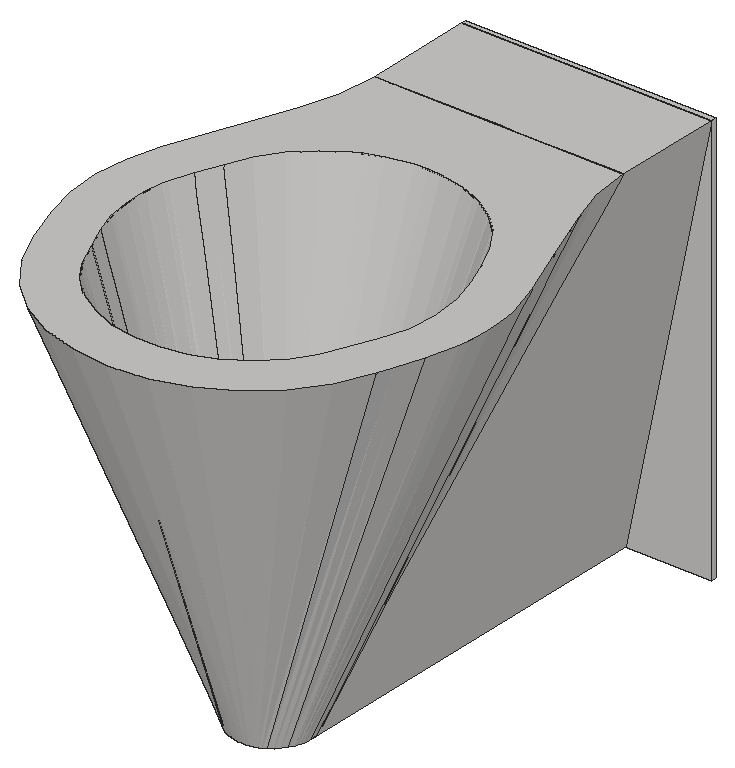
Revit family
Parameters (values of type "380 X 576")
  Waste Connection Radius = Waste Connection Diameter / 2  # 37.5 mm
  Waste Connection Diameter = 75 mm
  Waste Connection = 1 = 1  # yes
  WFU = 0
  Vent Connection = 1 = 0  # no
  URL = "http://www.autospec.co.za/browse.php?id=1644179284"
  Product Code = "None"
  OmniClass Title = ""
  OmniClass Number = ""
  Modspec Classification = ""
  Specification = ""
  Location (revit room) = ""
  Material = Stainless Steel Grade 304
  Height = 396 mm
  HW Connection = 1 = 0  # no
  Description = ""
  Depth = 576 mm
  Default Elevation = 0 mm
  Colour = none
  Clearance From Wall = 0 mm
  CWFU = 0
  CW Connection = 1 = 0  # no
  Body Finish = none
  Width = 380 mm
  Model = "Water Closet Wall Hung SWC-PAN-WM"
  Manufacturer = "Kwikot"  # constant formula
  Assembly Code = "D2010110"
Reference planes
  plane 1 "Back": y = 0
  plane 2 "Bottom": z = 0
  plane 3 "Center (Left/Right)": x = -15
  plane 4 "Left": x = -205
  plane 5 "Right": x = 175
  plane 6 "Front": y = -576
  plane 7 "Top": z = 396
  plane 8: x = 105
  plane 9: x = -135
  plane 10: y = 0
  plane 11: x = 130
  plane 12: x = -160
  plane 13: y = -531
  plane 14: y = -191
  plane 15: y = -340
Forms (mm)
  Blend 1, solid, material "Stainless Steel Grade 304" <- "Material"
    base sketch origin (-779.234, -1524, 396) x (-1, 0, 0) y (0, -1, 0)
      loop
        arc (-598.678, -1065.336) -> (-764.234, -947.362) -> (-929.789, -1065.336) r 175.151
        line (-929.789, -1065.336) -> (-943.805, -1105.919)
        arc (-943.805, -1105.919) -> (-954.199, -1171.648) -> (-941.289, -1236.929) r 190
        line (-941.289, -1236.929) -> (-898.97, -1345.634)
        arc (-898.97, -1345.634) -> (-887.954, -1381.584) -> (-884.234, -1419) r 190
        line (-884.234, -1419) -> (-644.234, -1419)
        arc (-644.234, -1419) -> (-640.513, -1381.584) -> (-629.498, -1345.634) r 190
        line (-629.498, -1345.634) -> (-587.178, -1236.929)
        arc (-587.178, -1236.929) -> (-574.269, -1171.648) -> (-584.662, -1105.919) r 190
        line (-584.662, -1105.919) -> (-598.678, -1065.336)
    top sketch origin (-779.234, -1524, 396) x (-1, 0, 0) y (0, -1, 0)
      loop
        arc (-743.557, -1115.216) -> (-764.234, -1109) -> (-784.911, -1115.216) r 37.5
        arc (-784.911, -1115.216) -> (-790.994, -1120.23) -> (-795.895, -1126.405) r 37.5
        arc (-795.895, -1126.405) -> (-800.245, -1136.037) -> (-801.734, -1146.5) r 37.5
        arc (-801.734, -1146.5) -> (-801.382, -1151.624) -> (-800.334, -1156.651) r 37.5
        arc (-800.334, -1156.651) -> (-798.64, -1161.415) -> (-796.321, -1165.908) r 37.5
        arc (-796.321, -1165.908) -> (-764.234, -1184) -> (-732.147, -1165.908) r 37.5
        arc (-732.147, -1165.908) -> (-729.828, -1161.415) -> (-728.134, -1156.651) r 37.5
        arc (-728.134, -1156.651) -> (-727.085, -1151.624) -> (-726.734, -1146.5) r 37.5
        arc (-726.734, -1146.5) -> (-728.223, -1136.037) -> (-732.572, -1126.405) r 37.5
        arc (-732.572, -1126.405) -> (-737.473, -1120.23) -> (-743.557, -1115.216) r 37.5
    from 0 to -396
  Blend 2, solid, material "Stainless Steel Grade 304" <- "Material"
    base sketch origin (0, 0, 0) x (1, 0, 0) y (0, 1, 0)
      loop
        line (-52.5, 0) -> (-52.5, -377.5)
        arc (-52.5, -377.5) -> (-15, -340) -> (22.5, -377.5) r 37.5
        line (22.5, -377.5) -> (22.5, 0) -> (-52.5, 0)
    top sketch origin (0, 0, 0) x (1, 0, 0) y (0, 1, 0)
      loop
        line (-135, 0) -> (-135, -105) -> (105, -105) -> (105, 0) -> (-135, 0)
    from 0 to 396
  Extrusion 3, solid, material "Stainless Steel Grade 304" <- "Material"
    sketch origin (-1008.149, 0, 4000) x (-1, 0, 0) y (0, 0, 1)
      loop
        line (-1113.149, -3604) -> (-1113.149, -4000) -> (-873.149, -4000) -> (-873.149, -3604) -> (-1113.149, -3604)
    from 0 to 5
  Blend 4, void
    base sketch origin (-779.234, -1524, 396) x (0, -1, 0) y (1, 0, 0)
      loop
        line (-1242.653, 640.429) -> (-1219.201, 630.568)
        arc (-1219.201, 630.568) -> (-1163, 619.234) -> (-1106.799, 630.568) r 145
        line (-1106.799, 630.568) -> (-1083.347, 640.429)
        arc (-1083.347, 640.429) -> (-993, 764.234) -> (-1083.347, 888.039) r 130
        line (-1083.347, 888.039) -> (-1106.799, 897.899)
        arc (-1106.799, 897.899) -> (-1163, 909.234) -> (-1219.201, 897.899) r 145
        line (-1219.201, 897.899) -> (-1242.653, 888.039)
        arc (-1242.653, 888.039) -> (-1333, 764.234) -> (-1242.653, 640.429) r 130
    top sketch origin (-779.234, -1524, 396) x (0, -1, 0) y (1, 0, 0)
      loop
        arc (-1123.764, 734.412) -> (-1109, 764.234) -> (-1123.764, 794.055) r 37.5
        arc (-1123.764, 794.055) -> (-1129.282, 797.547) -> (-1135.322, 800.029) r 37.5
        arc (-1135.322, 800.029) -> (-1153.501, 801.074) -> (-1170.029, 793.434) r 37.5
        arc (-1170.029, 793.434) -> (-1174.01, 789.717) -> (-1177.412, 785.464) r 37.5
        arc (-1177.412, 785.464) -> (-1184, 764.234) -> (-1177.412, 743.004) r 37.5
        arc (-1177.412, 743.004) -> (-1174.01, 738.75) -> (-1170.029, 735.034) r 37.5
        arc (-1170.029, 735.034) -> (-1153.501, 727.393) -> (-1135.322, 728.438) r 37.5
        arc (-1135.322, 728.438) -> (-1129.282, 730.92) -> (-1123.764, 734.412) r 37.5
    from 0 to -395
  Extrusion 5, void
    sketch origin (-1008.149, 0, 4000) x (1, 0, 0) y (0, 0, 1)
      loop
        circle (993.149, -3770) r 50
      loop
        circle (993.149, -3655) r 30
    from 0 to 25
  Extrusion 6, void
    sketch origin (-1008.149, 0, 4000) x (1, 0, 0) y (0, 0, 1)
      loop
        line (1048.149, -3619) -> (938.149, -3619)
        arc (938.149, -3619) -> (931.078, -3621.929) -> (928.149, -3629) r 10
        line (928.149, -3629) -> (928.149, -3834)
        arc (928.149, -3834) -> (931.078, -3841.071) -> (938.149, -3844) r 10
        line (938.149, -3844) -> (1048.149, -3844)
        arc (1048.149, -3844) -> (1055.22, -3841.071) -> (1058.149, -3834) r 10
        line (1058.149, -3834) -> (1058.149, -3629)
        arc (1058.149, -3629) -> (1055.22, -3621.929) -> (1048.149, -3619) r 10
    from 0 to -5
Cuts and joins
  Blend 4, Extrusion 5, Extrusion 6 cuts Blend 2
  Blend 4 cuts Blend 1
  Blend 4, Extrusion 5, Extrusion 6 cuts Extrusion 3
Lines and regions (mm)
  symbolic lines
    curve 1: line (105, -105, 396) -> (-135, -105, 396)
    curve 2: arc (-135, -105, 396) -> (-138.72, -142.416, 396) -> (-149.736, -178.366, 396) r 190
    curve 3: arc (119.736, -178.366, 396) -> (108.72, -142.416, 396) -> (105, -105, 396) r 190
    curve 4: line (162.056, -287.071, 396) -> (119.736, -178.366, 396)
    curve 5: arc (164.572, -418.081, 396) -> (174.965, -352.352, 396) -> (162.056, -287.071, 396) r 190
    curve 6: line (150.555, -458.664, 396) -> (164.572, -418.081, 396)
    curve 7: arc (-180.555, -458.664, 396) -> (-15, -576.638, 396) -> (150.555, -458.664, 396) r 175.151
    curve 8: line (-194.572, -418.081, 396) -> (-180.555, -458.664, 396)
    curve 9: arc (-192.056, -287.071, 396) -> (-204.965, -352.352, 396) -> (-194.572, -418.081, 396) r 190
    curve 10: line (-149.736, -178.366, 396) -> (-192.056, -287.071, 396)
    curve 11: line (-135, 0, 396) -> (-135, -105, 396)
    curve 12: line (105, -105, 396) -> (105, 0, 396)
    curve 13: line (-135, 0, 396) -> (105, 0, 396)
    curve 14: arc (-138.805, -281.347, 396) -> (-15, -191, 396) -> (108.805, -281.347, 396) r 130
    curve 15: line (-148.666, -304.799, 396) -> (-138.805, -281.347, 396)
    curve 16: arc (-148.666, -417.201, 396) -> (-160, -361, 396) -> (-148.666, -304.799, 396) r 145
    curve 17: line (108.805, -281.347, 396) -> (118.666, -304.799, 396)
    curve 18: arc (118.666, -304.799, 396) -> (130, -361, 396) -> (118.666, -417.201, 396) r 145
    curve 19: line (118.666, -417.201, 396) -> (108.805, -440.653, 396)
    curve 20: arc (108.805, -440.653, 396) -> (-15, -531, 396) -> (-138.805, -440.653, 396) r 130
    curve 21: line (-138.805, -440.653, 396) -> (-148.666, -417.201, 396)
  symbolic lines, detail levels fine
    curve 22: circle (-15, -377.5, 396) r 37.5 normal (0, 0, 1)
Dimensions and locks
  equal spacing: plane 4 "Left", plane 3 "Center (Left/Right)", plane 5 "Right"
  "Width": plane 4 "Left" to plane 5 "Right"
  "Height": plane 7 "Top" to plane 2 "Bottom"
  equal spacing: plane 9, plane 3 "Center (Left/Right)", plane 8
  "Clearance From Wall": plane 1 "Back" to plane 10
  "Depth": plane 10 to plane 6 "Front"
  plane 9 to plane 8 = 240 mm
  Blend 1 sketch curve to plane 6 "Front" = 174.513 mm
  "Waste Connection Diameter": Blend 2 sketch curve to Blend 2 sketch curve
  equal spacing: Blend 2 sketch curve, plane 3 "Center (Left/Right)", Blend 2 sketch curve
  plane 10 to Blend 2 sketch curve = 105 mm
  plane 12 to plane 11 = 290 mm
  equal spacing: plane 12, plane 3 "Center (Left/Right)", plane 11
  plane 14 to plane 13 = 340 mm
  plane 13 to plane 6 "Front" = 45 mm
  plane 14 to Blend 4 sketch curve = 130 mm
  Blend 4 sketch curve to plane 13 = 130 mm
  Blend 4 sketch curve to plane 6 "Front" = 215 mm
  "Waste Connection Diameter": Blend 1 sketch curve to plane 15
  "Waste Connection Radius": Blend 2 sketch curve to plane 15
  "Waste Connection Diameter": Blend 4 sketch curve to plane 15
  Blend 4 sketch curve to plane 13 = 153.5 mm
  plane 2 "Bottom" to Extrusion 5 sketch curve = 230 mm
  Extrusion 5 sketch curve to Extrusion 5 sketch curve = 115 mm
  Extrusion 6 sketch curve to plane 7 "Top" = 15 mm
  Extrusion 6 sketch curve to Extrusion 6 sketch curve = 225 mm
  Extrusion 6 sketch curve to Extrusion 6 sketch curve = 130 mm
  equal spacing: Extrusion 6 sketch curve, plane 3 "Center (Left/Right)", Extrusion 6 sketch curve
  "Waste Connection Radius": radius of Blend 1 sketch curve
  "Waste Connection Radius": radius of Blend 2 sketch curve
  "Waste Connection Radius": radius of Blend 4 sketch curve
  radius of Extrusion 5 sketch curve = 50 mm
  radius of Extrusion 5 sketch curve = 30 mm
  aligned and locked: plane 2 "Bottom" to level
  aligned and locked: plane 3 "Center (Left/Right)" to Blend 1 sketch curve  (x2)
  aligned and locked: Blend 2 sketch curve to plane 10  (x2)
  aligned and locked: plane 8 to Blend 2 sketch curve
  aligned and locked: Blend 2 sketch curve to plane 9
  aligned and locked: Extrusion 3 sketch curve to Blend 1  (x2)
  aligned and locked: level to Extrusion 3 sketch curve
  aligned and locked: Extrusion 3 sketch curve to plane 9
  aligned and locked: plane 3 "Center (Left/Right)" to Blend 4 sketch curve
  aligned and locked: plane 3 "Center (Left/Right)" to Extrusion 5 sketch curve  (x2)
  aligned and locked: curve 1 to cut or joined group of Blend 1, Blend 4
  aligned and locked: curve 2 to cut or joined group of Blend 1, Blend 4
  aligned and locked: curve 3 to cut or joined group of Blend 1, Blend 4
  aligned and locked: curve 4 to cut or joined group of Blend 1, Blend 4
  aligned and locked: curve 5 to cut or joined group of Blend 1, Blend 4
  aligned and locked: curve 6 to cut or joined group of Blend 1, Blend 4
  aligned and locked: curve 7 to cut or joined group of Blend 1, Blend 4
  aligned and locked: curve 8 to cut or joined group of Blend 1, Blend 4
  aligned and locked: curve 9 to cut or joined group of Blend 1, Blend 4
  aligned and locked: curve 10 to cut or joined group of Blend 1, Blend 4
  aligned and locked: curve 11 to cut or joined group of Blend 2, Blend 4, Extrusion 5, Extrusion 6
  aligned and locked: curve 12 to cut or joined group of Blend 2, Blend 4, Extrusion 5, Extrusion 6
  aligned and locked: curve 13 to cut or joined group of Extrusion 3, Blend 4, Extrusion 5, Extrusion 6
  aligned and locked: curve 14 to cut or joined group of Blend 1, Blend 4
  aligned and locked: curve 15 to cut or joined group of Blend 1, Blend 4
  aligned and locked: curve 16 to cut or joined group of Blend 1, Blend 4
  aligned and locked: curve 17 to cut or joined group of Blend 1, Blend 4
  aligned and locked: curve 18 to cut or joined group of Blend 1, Blend 4
  aligned and locked: curve 19 to cut or joined group of Blend 1, Blend 4
  aligned and locked: curve 20 to cut or joined group of Blend 1, Blend 4
  aligned and locked: curve 21 to cut or joined group of Blend 1, Blend 4
  aligned and locked: curve 22 to cut or joined group of Blend 1, Blend 4
Automatic sketch dimensions
  Blend 1 sketch curve to Blend 1 sketch curve = 0 mm  (x17)
  Blend 1 sketch curve to plane 8 = 0 mm
  Blend 1 sketch curve to plane 3 "Center (Left/Right)" = 0 mm
  Blend 1 sketch curve to plane 9 = 0 mm
  Blend 1 sketch curve to plane 8 = 14.736 mm
  plane 5 "Right" to Blend 1 sketch curve = 24.445 mm
  plane 5 "Right" to Blend 1 sketch curve = 12.944 mm
  plane 5 "Right" to Blend 1 sketch curve = 10.428 mm
  Blend 1 sketch curve to plane 5 "Right" = 120 mm
  plane 9 to Blend 1 sketch curve = 14.736 mm
  Blend 1 sketch curve to plane 4 "Left" = 24.445 mm
  Blend 1 sketch curve to plane 4 "Left" = 12.944 mm
  Blend 1 sketch curve to plane 4 "Left" = 10.428 mm
  plane 4 "Left" to Blend 1 sketch curve = 120 mm
  Blend 1 sketch curve to Blend 1 sketch curve = 45.487 mm
  Blend 1 sketch curve to Blend 1 sketch curve = 68.929 mm  (x2)
  Blend 1 sketch curve to Blend 1 sketch curve = 108.705 mm
  Blend 1 sketch curve to Blend 1 sketch curve = 40.584 mm
  Blend 1 sketch curve to Blend 1 sketch curve = 1.4 mm
  Blend 1 sketch curve to Blend 1 sketch curve = 5.839 mm
  Blend 1 sketch curve to Blend 1 sketch curve = 10.985 mm  (x2)
  Blend 1 sketch curve to plane 3 "Center (Left/Right)" = 20.677 mm
  Blend 1 sketch curve to Blend 1 sketch curve = 4.013 mm  (x2)
  Blend 1 sketch curve to Blend 1 sketch curve = 5.413 mm
  Blend 4 sketch curve to plane 3 "Center (Left/Right)" = 0 mm  (x3)
  plane 11 to Blend 4 sketch curve = 11.334 mm  (x2)
  Blend 4 sketch curve to plane 12 = 11.334 mm  (x2)
  plane 9 to Blend 4 sketch curve = 3.805 mm  (x2)
  Blend 4 sketch curve to Blend 4 sketch curve = 23.452 mm  (x3)
  Blend 4 sketch curve to plane 8 = 3.805 mm  (x2)
  Blend 4 sketch curve to Blend 4 sketch curve = 0 mm  (x15)
  Blend 4 sketch curve to plane 14 = 113.799 mm
  Blend 2 sketch curve to Blend 2 sketch curve = 0 mm  (x3)
  plane 15 to Blend 4 sketch curve = 6.588 mm  (x2)
  Blend 4 sketch curve to Blend 4 sketch curve = 7.383 mm  (x2)
  Extrusion 6 sketch curve to plane 9 = 55 mm
  Extrusion 6 sketch curve to Extrusion 6 sketch curve = 10 mm  (x4)
  Blend 4 sketch curve to Blend 4 sketch curve = 34.707 mm  (x2)
  Blend 4 sketch curve to Blend 4 sketch curve = 11.558 mm  (x2)
  curve 5 to curve 9 = 0 mm  (x2)
  curve 16 to curve 18 = 0 mm  (x2)
  curve 1 to plane 8 = 0 mm
  curve 16 to plane 3 "Center (Left/Right)" = 0 mm
  curve 5 to plane 3 "Center (Left/Right)" = 0 mm
  curve 22 to plane 3 "Center (Left/Right)" = 0 mm
  curve 7 to plane 3 "Center (Left/Right)" = 0 mm
  curve 20 to plane 3 "Center (Left/Right)" = 0 mm
  curve 14 to plane 3 "Center (Left/Right)" = 0 mm
  curve 2 to plane 9 = 0 mm
  plane 1 "Back" to curve 13 = 0 mm
  curve 17 to plane 8 = 3.805 mm
  curve 19 to plane 8 = 3.805 mm
  plane 11 to curve 17 = 11.334 mm
  plane 11 to curve 19 = 11.334 mm
  plane 11 to curve 4 = 10.264 mm
  curve 6 to plane 11 = 20.555 mm
  plane 5 "Right" to curve 4 = 12.944 mm
  plane 5 "Right" to curve 5 = 10.428 mm
  curve 3 to plane 5 "Right" = 120 mm
  plane 9 to curve 21 = 3.805 mm
  plane 9 to curve 15 = 3.805 mm
  curve 15 to plane 12 = 11.334 mm
  curve 21 to plane 12 = 11.334 mm
  curve 2 to plane 12 = 10.264 mm
  plane 12 to curve 7 = 20.555 mm
  curve 9 to plane 4 "Left" = 12.944 mm
  curve 9 to plane 4 "Left" = 10.428 mm
  plane 4 "Left" to curve 2 = 120 mm
  plane 14 to curve 3 = 86 mm
  curve 14 to plane 15 = 58.653 mm
  curve 9 to plane 15 = 52.929 mm
  curve 4 to plane 15 = 52.929 mm
  curve 14 to curve 17 = 23.452 mm
  curve 15 to curve 16 = 23.452 mm
  curve 14 to plane 15 = 19 mm
  plane 15 to curve 9 = 16 mm
  curve 5 to curve 16 = 5 mm
  curve 16 to curve 22 = 16.5 mm
  curve 20 to curve 7 = 0.487 mm
  curve 18 to curve 20 = 23.452 mm
  curve 5 to curve 7 = 40.584 mm
  curve 22 to curve 20 = 23.5 mm
  radius of curve 22 = 37.5 mm
Connectors
  piping at (-15, -381.864, 0), driven by "Waste Connection Radius", driven by "WFU"
    settings: on cut or joined group of Blend 1, Blend 4, index 1, connector radius 37.5 mm, flow factor 0, pipe flow 0.0 L/s, pressure drop 0.0 Pa, fitting loss kfactor 0, connector angle 0.00°, fixture units 0, flow configuration 3, flow direction 2, fitting loss method 0, system type 16, connector reference index -1, connector utility 0, adjustable connector no, is connector primary yes, fitting loss table "", connector description "Waste Connection"
